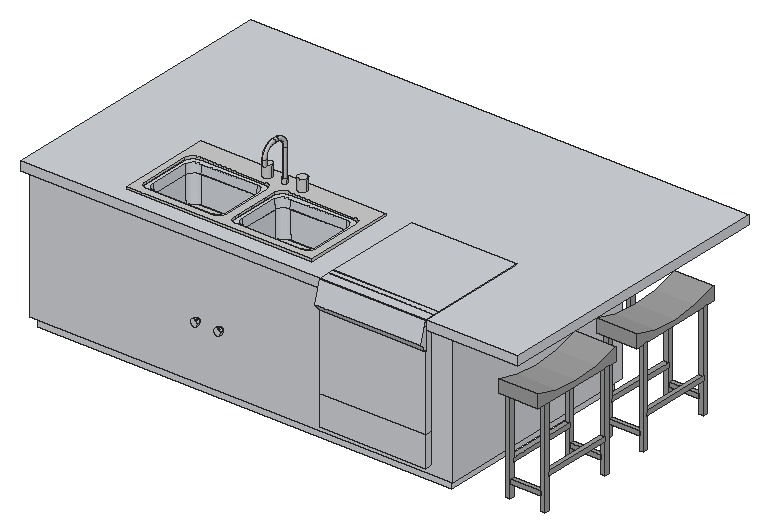
Revit family "Kitchen_Island_w_Sink_and_Dishwasher_7094", category Шкафы, Revit 2017
Family settings
  На основе рабочей плоскости = Нет
  Всегда вертикально = Да
  При загрузке вырезать с полостями = Нет
  Общий = Нет
  Точка расчета площади = Нет
Parameters (values of type "8'x4'")
  Глубина: = 4' - 0"
  Height = 3' - 0"
  Ширина = 8' - 0"
  Assembly Code = ""
Reference planes (in)
  plane 1 "Back": y = 0
  plane 2: z = 0
  plane 3 "Center (Left/Right)": x = 0.7377
  plane 4 "Left": x = -47.2623
  plane 5 "Right": x = 48.7377
  plane 6 "Front": y = -48
  plane 7 "Top": z = 36
  plane 8: x = -22.2623
Forms (in)
  Extrusion 1, solid
    sketch origin (0, 0, 0) x (1, 0, 0) y (0, 1, 0)
      loop
        line (-47.2623, 0) -> (-47.2623, -48) -> (48.7377, -48) -> (48.7377, 0) -> (-47.2623, 0)
    from 0 to 32
  Extrusion 2, solid
    sketch origin (0, -9, 0) x (1, 0, 0) y (0, 1, 0)
      loop
        line (-48.2623, 25) -> (-48.2623, -40.40625) -> (64.7377, -40.40625) -> (64.7377, 25) -> (-48.2623, 25)
    from 32 to 34
  Extrusion 3, void
    sketch origin (0, 0, 0) x (1, 0, 0) y (0, 1, 0)
      loop
        line (-47.2623, 0) -> (-47.2623, -48) -> (48.7377, -48) -> (48.7377, 0) -> (-47.2623, 0)
      loop
        line (-46.2623, -1) -> (-46.2623, -47) -> (47.7377, -47) -> (47.7377, -1) -> (-46.2623, -1)
    from 0 to 2
  Extrusion 4, solid
    sketch origin (16, -24.25, 0) x (1, 0, 0) y (0, 0, 1)
      loop
        circle (-19.6373, 14.86482) r 0.75
      loop
        circle (-24.8873, 14.86482) r 0.75
    from 24 to 25
  Extrusion 5, void
    sketch origin (16, -24.25, 0) x (1, 0, 0) y (0, 0, 1)
      loop
        circle (-19.6373, 14.86482) r 0.75
      loop
        circle (-19.6373, 14.86482) r 0.5
      loop
        circle (-24.8873, 14.86482) r 0.75
      loop
        circle (-24.8873, 14.86482) r 0.5
    from 24 to 24.5
  Blend 6, void
    base sketch origin (17.5, 0, 0) x (1, 0, 0) y (0, 1, 0)
      loop
        arc (-39.7623, -30.5) -> (-41.17651, -31.08579) -> (-41.7623, -32.5) r 2
        line (-41.7623, -32.5) -> (-41.7623, -40.75)
        arc (-41.7623, -40.75) -> (-41.17651, -42.16421) -> (-39.7623, -42.75) r 2
        line (-39.7623, -42.75) -> (-28.0123, -42.75)
        arc (-28.0123, -42.75) -> (-26.59808, -42.16421) -> (-26.0123, -40.75) r 2
        line (-26.0123, -40.75) -> (-26.0123, -32.5)
        arc (-26.0123, -32.5) -> (-26.59808, -31.08579) -> (-28.0123, -30.5) r 2
        line (-28.0123, -30.5) -> (-39.7623, -30.5)
    top sketch origin (17.5, 0, 0) x (1, 0, 0) y (0, 1, 0)
      loop
        arc (-41.2623, -29) -> (-42.67651, -29.58579) -> (-43.2623, -31) r 2
        line (-43.2623, -31) -> (-43.2623, -42)
        arc (-43.2623, -42) -> (-42.67651, -43.41421) -> (-41.2623, -44) r 2
        line (-41.2623, -44) -> (-26.5123, -44)
        arc (-26.5123, -44) -> (-25.09808, -43.41421) -> (-24.5123, -42) r 2
        line (-24.5123, -42) -> (-24.5123, -31)
        arc (-24.5123, -31) -> (-25.09808, -29.58579) -> (-26.5123, -29) r 2
        line (-26.5123, -29) -> (-41.2623, -29)
    from 22 to 60
  Blend 7, void
    base sketch origin (-30.02459, 0, 0) x (-1, 0, 0) y (0, -1, 0)
      loop
        line (-39.7623, 30.5) -> (-28.0123, 30.5)
        arc (-28.0123, 30.5) -> (-26.59808, 31.08579) -> (-26.0123, 32.5) r 2
        line (-26.0123, 32.5) -> (-26.0123, 40.75)
        arc (-26.0123, 40.75) -> (-26.59808, 42.16421) -> (-28.0123, 42.75) r 2
        line (-28.0123, 42.75) -> (-39.7623, 42.75)
        arc (-39.7623, 42.75) -> (-41.17651, 42.16421) -> (-41.7623, 40.75) r 2
        line (-41.7623, 40.75) -> (-41.7623, 32.5)
        arc (-41.7623, 32.5) -> (-41.17651, 31.08579) -> (-39.7623, 30.5) r 2
    top sketch origin (-30.02459, 0, 0) x (-1, 0, 0) y (0, -1, 0)
      loop
        line (-41.2623, 29) -> (-26.5123, 29)
        arc (-26.5123, 29) -> (-25.09808, 29.58579) -> (-24.5123, 31) r 2
        line (-24.5123, 31) -> (-24.5123, 42)
        arc (-24.5123, 42) -> (-25.09808, 43.41421) -> (-26.5123, 44) r 2
        line (-26.5123, 44) -> (-41.2623, 44)
        arc (-41.2623, 44) -> (-42.67651, 43.41421) -> (-43.2623, 42) r 2
        line (-43.2623, 42) -> (-43.2623, 31)
        arc (-43.2623, 31) -> (-42.67651, 29.58579) -> (-41.2623, 29) r 2
    from 22 to 60
Cuts and joins
  Extrusion 3, Extrusion 5, Blend 6, Blend 7 cuts Extrusion 1
  Extrusion 3, Extrusion 5, Blend 6, Blend 7 cuts Extrusion 2
  Extrusion 5 cuts Extrusion 4
Lines and regions (in)
  model lines
    curve 1: line (-28.2623, -48, 30) -> (-28.2623, -48.25, 30)
    curve 2: line (15.7377, -48, 30) -> (-28.2623, -48, 30)
    curve 3: line (15.7377, -48, 4) -> (15.7377, -48, 30)
    curve 4: line (14.9877, -48, 29.75) -> (14.9877, -48, 4.25)
    curve 5: line (-5.7623, -48, 29.75) -> (14.9877, -48, 29.75)
    curve 6: line (-28.2623, -48, 4) -> (15.7377, -48, 4)
    curve 7: line (14.9877, -48, 4.25) -> (-5.7623, -48, 4.25)
    curve 8: line (-5.7623, -48, 4.25) -> (-5.7623, -48, 29.75)
    curve 9: line (-6.7623, -48, 29.75) -> (-6.7623, -48, 4.25)
    curve 10: line (-6.7623, -48, 4.25) -> (-27.5123, -48, 4.25)
    curve 11: line (-27.5123, -48, 4.25) -> (-27.5123, -48, 29.75)
    curve 12: line (-28.2623, -48, 30) -> (-28.2623, -48, 4)
    curve 13: line (-27.5123, -48, 29.75) -> (-6.7623, -48, 29.75)
Dimensions and locks (in)
  "Глубина:": plane 6 "Front" to plane 1 "Back"
  "Ширина": plane 4 "Left" to plane 5 "Right"
  equal spacing: plane 4 "Left", plane 3 "Center (Left/Right)", plane 5 "Right"
  "Height": level to plane 7 "Top"
  cut or joined group of Extrusion 1, Extrusion 3, Extrusion 5, Blend 6, Blend 7 to cut or joined group of Extrusion 1, Extrusion 3, Extrusion 5, Blend 6, Blend 7 = 8' - 0"
Automatic sketch dimensions
  Extrusion 1 sketch curve to plane 4 "Left" = 0' - 0"
  Extrusion 1 sketch curve to plane 5 "Right" = 0' - 0"
  Extrusion 1 sketch curve to plane 6 "Front" = 0' - 0"
  Extrusion 1 sketch curve to plane 1 "Back" = 0' - 0"
  plane 4 "Left" to Extrusion 2 sketch curve = 0' - 1"
  Extrusion 2 sketch curve to plane 5 "Right" = 1' - 4"
  plane 6 "Front" to Extrusion 2 sketch curve = 0' - 1 13/32"
  Extrusion 2 sketch curve to plane 1 "Back" = 1' - 4"
  Extrusion 3 sketch curve to plane 4 "Left" = 0' - 0"
  Extrusion 3 sketch curve to plane 1 "Back" = 0' - 0"
  Extrusion 3 sketch curve to plane 5 "Right" = 0' - 0"
  Extrusion 3 sketch curve to plane 6 "Front" = 0' - 0"
  Extrusion 3 sketch curve to plane 4 "Left" = 0' - 1"
  plane 5 "Right" to Extrusion 3 sketch curve = 0' - 1"
  Extrusion 3 sketch curve to plane 6 "Front" = 0' - 1"
  plane 1 "Back" to Extrusion 3 sketch curve = 0' - 1"
  Extrusion 4 sketch curve to plane 8 = 1' - 1 3/8"
  Extrusion 4 sketch curve to plane 8 = 1' - 6 5/8"
  level to Extrusion 4 sketch curve = 1' - 2.86482"
  Extrusion 4 sketch curve to Extrusion 4 sketch curve = 0' - 0"
  Extrusion 5 sketch curve to Extrusion 5 sketch curve = 0' - 0"  (x5)
  Extrusion 5 sketch curve to plane 8 = 1' - 1 3/8"
  Extrusion 5 sketch curve to plane 8 = 1' - 6 5/8"
  level to Extrusion 5 sketch curve = 1' - 2.86482"
  Blend 6 sketch curve to plane 4 "Left" = 1' - 11"
  Blend 6 sketch curve to Blend 6 sketch curve = 0' - 2"  (x6)
  Blend 6 sketch curve to plane 8 = 0' - 11 3/4"  (x2)
  Blend 6 sketch curve to plane 6 "Front" = 0' - 5 1/4"
  Blend 6 sketch curve to Blend 6 sketch curve = 0' - 8 1/4"
  Blend 6 sketch curve to plane 4 "Left" = 1' - 9 1/2"
  Blend 6 sketch curve to plane 8 = 1' - 1 1/4"  (x2)
  Blend 6 sketch curve to plane 6 "Front" = 0' - 4"
  Blend 6 sketch curve to Blend 6 sketch curve = 0' - 11"
  Blend 7 sketch curve to plane 3 "Center (Left/Right)" = 0' - 11"
  Blend 7 sketch curve to Blend 7 sketch curve = 0' - 2"  (x4)
  plane 8 to Blend 7 sketch curve = 1' - 8 1/4"  (x2)
  plane 8 to Blend 7 sketch curve = 1' - 6 1/4"
  plane 6 "Front" to Blend 7 sketch curve = 0' - 5 1/4"
  Blend 7 sketch curve to Blend 7 sketch curve = 0' - 8 1/4"
  Blend 7 sketch curve to plane 3 "Center (Left/Right)" = 1' - 0 1/2"
  plane 8 to Blend 7 sketch curve = 1' - 6 3/4"  (x2)
  plane 8 to Blend 7 sketch curve = 1' - 4 3/4"
  plane 6 "Front" to Blend 7 sketch curve = 0' - 4"
  Blend 7 sketch curve to Blend 7 sketch curve = 0' - 11"
  curve 1 to plane 6 "Front" = 0' - 0"
  plane 6 "Front" to curve 1 = 0' - 0 1/4"
  plane 7 "Top" to curve 1 = 0' - 6"
  plane 8 to curve 2 = 0' - 6"
  curve 2 to curve 13 = 0' - 0 3/4"
  curve 13 to plane 3 "Center (Left/Right)" = 0' - 7 1/2"
  curve 9 to curve 8 = 0' - 1"
  plane 7 "Top" to curve 4 = 0' - 6 1/4"
  plane 3 "Center (Left/Right)" to curve 4 = 1' - 2 1/4"
  curve 4 to curve 3 = 0' - 0 3/4"
  level to curve 11 = 0' - 4 1/4"
  level to curve 7 = 0' - 4 1/4"
  curve 12 to curve 10 = 0' - 0 1/4"
  curve 9 to curve 5 = 0' - 0"
  curve 4 to curve 3 = 0' - 0 1/4"
  radius of Extrusion 4 sketch curve = 0' - 0 3/4"  (x2)
  radius of Extrusion 5 sketch curve = 0' - 0 3/4"  (x2)
  radius of Extrusion 5 sketch curve = 0' - 0 1/2"  (x2)
Nested families (in)
  nested 1: "STool" at (0.7377, 17.5, 0), type "STool"
  nested 2: "STool" at (28.7377, 17.5, 0) x (-1, 0, 0) z (0, 0, 1), type "STool"
  nested 3: "STool" at (-27.2623, 17.5, 0), type "STool"
  nested 4: "Sink Kitchen-Double" at (-6.87998, -35.09234, -2), type "42" x 21""
  nested 5: "STool" at (66.08973, -6.37836, 0) x (0, -1, 0) z (0, 0, 1), type "STool"
  nested 6: "STool" at (66.08973, -34.37836, 0) x (0, 1, 0) z (0, 0, 1), type "STool"
  nested 7: "Dishwasherrfa_5486" at (31.7377, -23.40625, 0) x (0, -1, 0) z (0, 0, 1), type "26"x24""
    with Flow Pressure 8.00 psi
Definition of nested family "STool"
  Reference planes (in)
    plane 1 "Center F/B": y = 0
    plane 2: z = 0
    plane 3 "Center L/R": x = 0
  Forms (in)
    Extrusion 1, solid
      sketch origin (0, 0, 0) x (1, 0, 0) y (0, 0, 1)
        loop
          line (-11, 22) -> (11, 22) -> (11, 25)
          arc (11, 25) -> (0, 22.99053) -> (-11, 25) r 31.11217
          line (-11, 25) -> (-11, 22)
      from 0 to 9
    Extrusion 2, solid
      sketch origin (0, 0, 0) x (1, 0, 0) y (0, 0, 1)
        loop
          line (9, 22) -> (8, 22) -> (8, 0) -> (9, 0) -> (9, 22)
      from 0 to 1
    Extrusion 3, solid
      sketch origin (0, 0, 0) x (1, 0, 0) y (0, 0, 1)
        loop
          line (8, 8) -> (-8, 8) -> (-8, 7) -> (8, 7) -> (8, 8)
      from 0 to 1
    Extrusion 4, solid
      sketch origin (0, 0, 0) x (1, 0, 0) y (0, 0, 1)
        loop
          line (-8, 22) -> (-9, 22) -> (-9, 0) -> (-8, 0) -> (-8, 22)
      from 0 to 1
    Extrusion 5, solid
      sketch origin (0, 0, 0) x (1, 0, 0) y (0, 0, 1)
        loop
          line (-9, 22) -> (-9, 0) -> (-8, 0) -> (-8, 22) -> (-9, 22)
      from 9 to 8
    Extrusion 6, solid
      sketch origin (0, 0, 0) x (1, 0, 0) y (0, 0, 1)
        loop
          line (8, 22) -> (8, 0) -> (9, 0) -> (9, 22) -> (8, 22)
      from 9 to 8
    Extrusion 7, solid
      sketch origin (0, 0, 0) x (1, 0, 0) y (0, 0, 1)
        loop
          line (-8, 8) -> (-8, 7) -> (8, 7) -> (8, 8) -> (-8, 8)
      from 9 to 8
    Extrusion 8, solid
      sketch origin (0, 0, 0) x (0, 1, 0) y (0, 0, 1)
        loop
          line (-1, 4) -> (-8, 4) -> (-8, 3) -> (-1, 3) -> (-1, 4)
      from 8 to 9
    Extrusion 9, solid
      sketch origin (0, 0, 0.00706) x (0, 1, 0) y (0, 0, 1)
        loop
          line (-8, 4) -> (-8, 3) -> (-1, 3) -> (-1, 4) -> (-8, 4)
      from -9 to -8
  Lines and regions (in)
    model lines
      curve 1: line (-9, 0, 0) -> (-9, 0, 22)
      curve 2: line (-9, 0, 22) -> (-8, 0, 22)
      curve 3: line (-8, 0, 22) -> (-8, 0, 0)
      curve 4: line (-9, 0, 0) -> (-8, 0, 0)
      curve 5: line (8, 0, 0) -> (8, 0, 22)
      curve 6: line (8, 0, 22) -> (9, 0, 22)
      curve 7: line (9, 0, 22) -> (9, 0, 0)
      curve 8: line (8, 0, 0) -> (9, 0, 0)
      curve 9: line (-8, 0, 7) -> (8, 0, 7)
      curve 10: line (8, 0, 8) -> (-8, 0, 8)
      curve 11: line (-8, 0, 8) -> (-8, 0, 7)
      curve 12: line (-11, 0, 22) -> (11, 0, 22)
      curve 13: line (11, 0, 22) -> (11, 0, 25)
      curve 14: arc (11, 0, 25) -> (0, 0, 22.99053) -> (-11, 0, 25) r 31.11217
      curve 15: line (-11, 0, 25) -> (-11, 0, 22)
Definition of nested family "Sink Kitchen-Double"
  Parameters
    Assembly Code = "D2010410"
    Counter Height = 3' - 0"
    Depth = 1' - 9"
    Faucet Material = none
    Sink Material = none
    Width = 3' - 6"
  Reference planes (in)
    plane 1 "Center (Front/Back)": y = -1.40766
    plane 2: z = 0
    plane 3 "Center (Left/Right)": x = 0.61769
    plane 4: y = 10.59234
    plane 5: y = -10.40766
    plane 6: x = -20.38231
    plane 7: x = 21.61769
    plane 8 "Top Of Counter": z = 36
    plane 9: z = 36.5
    plane 10: z = 27.5
    plane 11: y = 6.09234
    plane 12: x = -18.88231
    plane 13: y = -8.90766
    plane 14: x = 20.11769
    plane 15: x = -3.38231
    plane 16: x = 4.61769
    plane 17: y = 8.34234
    plane 18: y = 8.34234
    plane 19: y = 8.34234
    plane 20: z = 46.375
    plane 21: y = 2.46734
    plane 22: z = 39
    plane 23: z = 37.5
    plane 24: x = -0.13231
    plane 25: x = 1.36769
    plane 26: x = -9.13231
    plane 27: x = 10.36769
    plane 28: z = 27.875
  Forms (in)
    Extrusion 1, solid, material <- "Sink Material"
      sketch origin (0, 0, 0) x (1, 0, 0) y (0, 1, 0)
        loop
          line (-20.38231, 10.59234) -> (-20.38231, -10.40766) -> (21.61769, -10.40766) -> (21.61769, 10.59234) -> (-20.38231, 10.59234)
        loop
          arc (-16.88231, 6.09234) -> (-18.29653, 5.50655) -> (-18.88231, 4.09234) r 2
          line (-18.88231, 4.09234) -> (-18.88231, -6.90766)
          arc (-18.88231, -6.90766) -> (-18.29653, -8.32187) -> (-16.88231, -8.90766) r 2
          line (-16.88231, -8.90766) -> (-2.13231, -8.90766)
          arc (-2.13231, -8.90766) -> (-0.7181, -8.32187) -> (-0.13231, -6.90766) r 2
          line (-0.13231, -6.90766) -> (-0.13231, 4.09234)
          arc (-0.13231, 4.09234) -> (-0.7181, 5.50655) -> (-2.13231, 6.09234) r 2
          line (-2.13231, 6.09234) -> (-16.88231, 6.09234)
        loop
          arc (18.11769, -8.90766) -> (19.5319, -8.32187) -> (20.11769, -6.90766) r 2
          line (20.11769, -6.90766) -> (20.11769, 4.09234)
          arc (20.11769, 4.09234) -> (19.5319, 5.50655) -> (18.11769, 6.09234) r 2
          line (18.11769, 6.09234) -> (3.36769, 6.09234)
          arc (3.36769, 6.09234) -> (1.95347, 5.50655) -> (1.36769, 4.09234) r 2
          line (1.36769, 4.09234) -> (1.36769, -6.90766)
          arc (1.36769, -6.90766) -> (1.95347, -8.32187) -> (3.36769, -8.90766) r 2
          line (3.36769, -8.90766) -> (18.11769, -8.90766)
      from 36 to 36.5
    Sweep 2, solid, material <- "Sink Material"
      path origin (0, 0, 0) x (1, 0, 0) y (0, 1, 0)
        loop
          arc (-16.88231, 6.09234) -> (-18.29653, 5.50655) -> (-18.88231, 4.09234) r 2
          line (-18.88231, 4.09234) -> (-18.88231, -6.90766)
          arc (-18.88231, -6.90766) -> (-18.29653, -8.32187) -> (-16.88231, -8.90766) r 2
          line (-16.88231, -8.90766) -> (-2.13231, -8.90766)
          arc (-2.13231, -8.90766) -> (-0.7181, -8.32187) -> (-0.13231, -6.90766) r 2
          line (-0.13231, -6.90766) -> (-0.13231, 4.09234)
          arc (-0.13231, 4.09234) -> (-0.7181, 5.50655) -> (-2.13231, 6.09234) r 2
          line (-2.13231, 6.09234) -> (-16.88231, 6.09234)
      profile origin (-9.50731, 0, 0) x (0, 1, 0) y (0, 0, 1)
        loop
          line (6.09234, 36) -> (5.44139, 28.55963)
          arc (5.44139, 28.55963) -> (5.20094, 28.07204) -> (4.69424, 27.875) r 0.75
          line (4.69424, 27.875) -> (4.59234, 27.875) -> (4.59234, 27.5) -> (6.34234, 27.5) -> (6.34234, 36) -> (6.09234, 36)
    Extrusion 3, solid, material <- "Sink Material"
      sketch origin (0, 0, 0) x (1, 0, 0) y (0, 1, 0)
        loop
          arc (-16.88231, 4.59234) -> (-17.23587, 4.44589) -> (-17.38231, 4.09234) r 0.5
          line (-17.38231, 4.09234) -> (-17.38231, -6.90766)
          arc (-17.38231, -6.90766) -> (-17.23587, -7.26121) -> (-16.88231, -7.40766) r 0.5
          line (-16.88231, -7.40766) -> (-2.13231, -7.40766)
          arc (-2.13231, -7.40766) -> (-1.77876, -7.26121) -> (-1.63231, -6.90766) r 0.5
          line (-1.63231, -6.90766) -> (-1.63231, 4.09234)
          arc (-1.63231, 4.09234) -> (-1.77876, 4.44589) -> (-2.13231, 4.59234) r 0.5
          line (-2.13231, 4.59234) -> (-16.88231, 4.59234)
        loop
          circle (-9.13231, -1.40766) r 1
      from 27.5 to 27.875
    Extrusion 4, solid, material <- "Faucet Material"
      sketch origin (0, 0, 0) x (1, 0, 0) y (0, 1, 0)
        loop
          circle (-3.38231, 8.34234) r 1
        loop
          circle (4.61769, 8.34234) r 1
      from 36.5 to 39
    Sweep 5, solid, material <- "Faucet Material"
      path origin (0.61769, 0, 0) x (0, 1, 0) y (0, 0, 1)
        loop
          line (8.34234, 36.5) -> (8.34234, 43.875)
          arc (8.34234, 43.875) -> (7.61011, 45.64277) -> (5.84234, 46.375) r 2.5
          line (5.84234, 46.375) -> (4.96734, 46.375)
          arc (4.96734, 46.375) -> (3.19957, 45.64277) -> (2.46734, 43.875) r 2.5
          line (2.46734, 43.875) -> (2.46734, 42.5)
      profile origin (0.61769, 0, 40.1875) x (0, -1, 0) y (1, 0, 0)
        loop
          circle (-8.34234, 0) r 0.375
    Extrusion 6, solid, material <- "Faucet Material"
      sketch origin (0, 0, 0) x (1, 0, 0) y (0, 1, 0)
        loop
          circle (0.61769, 8.34234) r 0.5
      from 36.5 to 37.5
    Sweep 7, solid, material <- "Sink Material"
      path origin (1.23537, 0, 0) x (-1, 0, 0) y (0, -1, 0)
        loop
          line (-16.88231, -6.09234) -> (-2.13231, -6.09234)
          arc (-2.13231, -6.09234) -> (-0.7181, -5.50655) -> (-0.13231, -4.09234) r 2
          line (-0.13231, -4.09234) -> (-0.13231, 6.90766)
          arc (-0.13231, 6.90766) -> (-0.7181, 8.32187) -> (-2.13231, 8.90766) r 2
          line (-2.13231, 8.90766) -> (-16.88231, 8.90766)
          arc (-16.88231, 8.90766) -> (-18.29653, 8.32187) -> (-18.88231, 6.90766) r 2
          line (-18.88231, 6.90766) -> (-18.88231, -4.09234)
          arc (-18.88231, -4.09234) -> (-18.29653, -5.50655) -> (-16.88231, -6.09234) r 2
      profile origin (10.74269, 0, 0) x (0, -1, 0) y (0, 0, 1)
        loop
          line (-6.09234, 36) -> (-6.34234, 36) -> (-6.34234, 27.5) -> (-4.59234, 27.5) -> (-4.59234, 27.875) -> (-4.69424, 27.875)
          arc (-4.69424, 27.875) -> (-5.20094, 28.07204) -> (-5.44139, 28.55963) r 0.75
          line (-5.44139, 28.55963) -> (-6.09234, 36)
    Extrusion 8, solid, material <- "Sink Material"
      sketch origin (0, 0, 0) x (1, 0, 0) y (0, 1, 0)
        loop
          arc (3.36769, 4.69424) -> (3.01413, 4.5478) -> (2.86769, 4.19424) r 0.5
          line (2.86769, 4.19424) -> (2.86769, -6.90766)
          arc (2.86769, -6.90766) -> (3.01413, -7.26121) -> (3.36769, -7.40766) r 0.5
          line (3.36769, -7.40766) -> (18.11769, -7.40766)
          arc (18.11769, -7.40766) -> (18.47124, -7.26121) -> (18.61769, -6.90766) r 0.5
          line (18.61769, -6.90766) -> (18.61769, 4.19424)
          arc (18.61769, 4.19424) -> (18.47124, 4.5478) -> (18.11769, 4.69424) r 0.5
          line (18.11769, 4.69424) -> (3.36769, 4.69424)
        loop
          circle (10.36769, -1.40766) r 1
      from 27.5 to 27.875
  Cuts and joins
    joined: Extrusion 1, Sweep 2, Sweep 7
    joined: Sweep 5, Extrusion 6
  Lines and regions (in)
    Masking region 1
      outline origin (0, 0, 36) x (0, -1, 0) y (1, 0, 0)
        loop
          line (-10.59234, -20.38231) -> (10.40766, -20.38231) -> (10.40766, 21.61769) -> (-10.59234, 21.61769) -> (-10.59234, -20.38231)
    symbolic lines
      curve 1: line (-18.88231, 4.09234, 36) -> (-18.88231, -6.90766, 36)
      curve 2: line (-16.88231, -8.90766, 36) -> (-2.13231, -8.90766, 36)
      curve 3: line (20.11769, -6.90766, 36) -> (20.11769, 4.09234, 36)
      curve 4: line (18.11769, 6.09234, 36) -> (3.36769, 6.09234, 36)
      curve 5: arc (20.11769, 4.09234, 36) -> (19.5319, 5.50655, 36) -> (18.11769, 6.09234, 36) r 2
      curve 6: arc (18.11769, -8.90766, 36) -> (19.5319, -8.32187, 36) -> (20.11769, -6.90766, 36) r 2
      curve 7: arc (-18.88231, -6.90766, 36) -> (-18.29653, -8.32187, 36) -> (-16.88231, -8.90766, 36) r 2
      curve 8: arc (-16.88231, 6.09234, 36) -> (-18.29653, 5.50655, 36) -> (-18.88231, 4.09234, 36) r 2
      curve 9: arc (1.11769, 8.34234, 36) -> (0.61769, 8.84234, 36) -> (0.11769, 8.34234, 36) r 0.5
      curve 10: line (0.11769, 8.34234, 36) -> (0.11769, 0.59234, 36)
      curve 11: line (1.11769, 8.34234, 36) -> (1.11769, 0.59234, 36)
      curve 12: arc (1.11769, 0.59234, 36) -> (0.61769, 0.09234, 36) -> (0.11769, 0.59234, 36) r 0.5
      curve 13: line (-0.13231, 4.09234, 36) -> (-0.13231, -6.90766, 36)
      curve 14: line (1.36769, 4.09234, 36) -> (1.36769, -6.90766, 36)
      curve 15: line (3.36769, -8.90766, 36) -> (18.11769, -8.90766, 36)
      curve 16: line (-2.13231, 6.09234, 36) -> (-16.88231, 6.09234, 36)
      curve 17: arc (3.36769, 6.09234, 36) -> (1.95347, 5.50655, 36) -> (1.36769, 4.09234, 36) r 2
      curve 18: arc (1.36769, -6.90766, 36) -> (1.95347, -8.32187, 36) -> (3.36769, -8.90766, 36) r 2
      curve 19: arc (-0.13231, -6.90766, 36) -> (-0.7181, -8.32187, 36) -> (-2.13231, -8.90766, 36) r 2
      curve 20: arc (-0.13231, 4.09234, 36) -> (-0.7181, 5.50655, 36) -> (-2.13231, 6.09234, 36) r 2
      curve 21: arc (-10.13231, -1.40766, 36) -> (-9.13231, -0.40766, 36) -> (-8.13231, -1.40766, 36) r 1
      curve 22: arc (-8.13231, -1.40766, 36) -> (-9.13231, -2.40766, 36) -> (-10.13231, -1.40766, 36) r 1
      curve 23: arc (9.36769, -1.40766, 36) -> (10.36769, -0.40766, 36) -> (11.36769, -1.40766, 36) r 1
      curve 24: arc (11.36769, -1.40766, 36) -> (10.36769, -2.40766, 36) -> (9.36769, -1.40766, 36) r 1
      curve 25: arc (-4.38231, 8.34234, 36) -> (-3.38231, 7.34234, 36) -> (-2.38231, 8.34234, 36) r 1
      curve 26: arc (-2.38231, 8.34234, 36) -> (-3.38231, 9.34234, 36) -> (-4.38231, 8.34234, 36) r 1
      curve 27: arc (3.61769, 8.34234, 36) -> (4.61769, 7.34234, 36) -> (5.61769, 8.34234, 36) r 1
      curve 28: arc (5.61769, 8.34234, 36) -> (4.61769, 9.34234, 36) -> (3.61769, 8.34234, 36) r 1
  Dimensions and locks (in)
    equal spacing: plane 6, plane 3 "Center (Left/Right)", plane 7
    "Width": plane 6 to plane 7
    "Depth": plane 5 to plane 4
    "Counter Height": plane 8 "Top Of Counter" to plane 2
    locked: plane 9 to plane 8 "Top Of Counter" at 0.5
    locked: plane 8 "Top Of Counter" to plane 10 at 8.5
    locked: plane 6 to plane 12 at 1.5
    locked: plane 14 to plane 7 at 1.5
    locked: plane 11 to plane 4 at 4.5
    locked: plane 5 to plane 13 at 1.5
    equal spacing: plane 11, plane 17, plane 4
    equal spacing: plane 11, plane 18, plane 4
    equal spacing: plane 4, plane 19, plane 11
    locked: plane 19 to plane 21 at 5.875
    locked: plane 20 to plane 9 at 9.875
    locked: plane 22 to plane 9 at 2.5
    locked: plane 23 to plane 9 at 1
    plane 24 to plane 3 "Center (Left/Right)" to plane 25 = 0' - 0 3/4" locked, 0' - 0 3/4" locked
    equal spacing: plane 12, plane 26, plane 3 "Center (Left/Right)"
    equal spacing: plane 3 "Center (Left/Right)", plane 27, plane 14
    equal spacing: plane 13, plane 1 "Center (Front/Back)", plane 11
    locked: plane 15 to plane 3 "Center (Left/Right)" at 4
    locked: plane 3 "Center (Left/Right)" to plane 16 at 4
    locked: plane 28 to plane 10 at 0.375
    aligned and locked: Extrusion 1 sketch curve to plane 5
    aligned and locked: plane 7 to Extrusion 1 sketch curve
    aligned and locked: plane 4 to Extrusion 1 sketch curve
    aligned and locked: Extrusion 1 sketch curve to plane 6
    aligned and locked: plane 8 "Top Of Counter" to Extrusion 1
    aligned and locked: Extrusion 1 to plane 9
    aligned and locked: plane 11 to Extrusion 1 sketch curve
    aligned and locked: plane 14 to Extrusion 1 sketch curve
    aligned and locked: Extrusion 1 sketch curve to plane 12
    aligned and locked: Extrusion 1 sketch curve to plane 13
    aligned and locked: plane 11 to Sweep 2 sketch curve
    aligned and locked: Sweep 2 sketch curve to plane 12
    aligned and locked: Sweep 2 sketch curve to plane 13
    aligned and locked: Sweep 2 to Extrusion 3 sketch curve  (x4)
    aligned and locked: plane 10 to Extrusion 3
    aligned and locked: Sweep 2 sketch curve to plane 10
    aligned and locked: plane 8 "Top Of Counter" to Sweep 2 sketch curve
    aligned and locked: Extrusion 4 to Extrusion 1
    aligned and locked: Extrusion 6 to Extrusion 1
    aligned and locked: Sweep 5 sketch curve to plane 19
    aligned and locked: plane 20 to Sweep 5 sketch curve
    aligned and locked: plane 21 to Sweep 5 sketch curve
    aligned and locked: Extrusion 4 to plane 22
    aligned and locked: Extrusion 6 to plane 23
    aligned and locked: Sweep 2 sketch curve to Extrusion 1
    aligned and locked: Sweep 7 sketch curve to plane 14
    aligned and locked: Sweep 7 sketch curve to Extrusion 1
    aligned and locked: Sweep 7 sketch curve to plane 11
    aligned and locked: plane 13 to Sweep 7 sketch curve
    aligned and locked: plane 10 to Extrusion 8
    aligned and locked: curve 21 to Extrusion 3
    aligned and locked: curve 23 to Extrusion 8
    aligned and locked: Extrusion 8 sketch curve to Sweep 7
    aligned and locked: Sweep 7 sketch curve to plane 8 "Top Of Counter"
    aligned and locked: plane 10 to Sweep 7 sketch curve
    aligned and locked: plane 4 to Masking region 1 sketch curve
    aligned and locked: plane 7 to Masking region 1 sketch curve
    aligned and locked: Masking region 1 sketch curve to plane 5
    aligned and locked: Masking region 1 sketch curve to plane 6
    aligned and locked: plane 15 to Extrusion 4 sketch curve
    aligned and locked: plane 17 to Extrusion 4 sketch curve  (x2)
    aligned and locked: plane 16 to Extrusion 4 sketch curve
    aligned and locked: curve 25 to Extrusion 4
    aligned and locked: curve 27 to Extrusion 4
    aligned and locked: Extrusion 3 to plane 28
    aligned and locked: Extrusion 8 to plane 28
  Automatic sketch dimensions
    Sweep 2 sketch curve to profile plane = 0' - 0"
    profile plane to Sweep 2 sketch curve = 0' - 0.65095"
    Sweep 2 sketch curve to Sweep 2 sketch curve = 0' - 0.74715"
    Sweep 2 sketch curve to Sweep 2 sketch curve = 0' - 0.10191"
    Sweep 2 sketch curve to profile plane = 0' - 0 1/4"
    Sweep 2 sketch curve to Sweep 2 sketch curve = 0' - 0 3/8"
    Sweep 2 sketch curve to Sweep 2 sketch curve = 0' - 0.68463"
    plane 15 to Extrusion 4 sketch curve = 0' - 1"
    plane 16 to Extrusion 4 sketch curve = 0' - 1"
    Sweep 5 sketch curve to plane 3 "Center (Left/Right)" = 0' - 0"
    Sweep 5 sketch curve to profile plane = 0' - 0"
    profile plane to Sweep 5 sketch curve = 0' - 0 3/8"
    Extrusion 6 sketch curve to plane 18 = 0' - 0"
    Extrusion 6 sketch curve to plane 3 "Center (Left/Right)" = 0' - 0"
    Extrusion 6 sketch curve to plane 3 "Center (Left/Right)" = 0' - 0 1/2"
    Sweep 5 sketch curve to plane 9 = 0' - 0"
    Sweep 5 sketch curve to Sweep 5 sketch curve = 0' - 2 1/2"
    plane 11 to Sweep 5 sketch curve = 0' - 0 1/4"
    Sweep 5 sketch curve to Sweep 5 sketch curve = 0' - 1 3/8"
    Extrusion 1 sketch curve to plane 13 = 0' - 0"
    Extrusion 1 sketch curve to plane 24 = 0' - 0"
    Extrusion 1 sketch curve to plane 25 = 0' - 0"
    Extrusion 1 sketch curve to plane 11 = 0' - 0"
    Extrusion 1 sketch curve to plane 12 = 0' - 2"  (x2)
    Extrusion 1 sketch curve to plane 3 "Center (Left/Right)" = 0' - 2 3/4"  (x2)
    plane 3 "Center (Left/Right)" to Extrusion 1 sketch curve = 0' - 2 3/4"  (x2)
    plane 14 to Extrusion 1 sketch curve = 0' - 2"
    Extrusion 1 sketch curve to Extrusion 1 sketch curve = 0' - 2"
    Sweep 2 sketch curve to plane 12 = 0' - 2"  (x2)
    Sweep 2 sketch curve to plane 3 "Center (Left/Right)" = 0' - 2 3/4"  (x2)
    plane 14 to Sweep 7 sketch curve = 0' - 2"  (x2)
    Sweep 7 sketch curve to Sweep 7 sketch curve = 0' - 2"
    plane 3 "Center (Left/Right)" to Sweep 7 sketch curve = 0' - 2 3/4"
    Extrusion 3 sketch curve to plane 1 "Center (Front/Back)" = 0' - 0"
    Extrusion 3 sketch curve to plane 26 = 0' - 0"
    Extrusion 3 sketch curve to Extrusion 3 sketch curve = 0' - 0 1/2"  (x4)
    plane 26 to Extrusion 3 sketch curve = 0' - 1"
    Extrusion 8 sketch curve to plane 1 "Center (Front/Back)" = 0' - 0"
    Extrusion 8 sketch curve to plane 27 = 0' - 0"
    plane 27 to Extrusion 8 sketch curve = 0' - 1"
    plane 3 "Center (Left/Right)" to Extrusion 8 sketch curve = 0' - 2 3/4"  (x2)
    Extrusion 8 sketch curve to Extrusion 8 sketch curve = 0' - 0 1/2"  (x2)
    plane 11 to Extrusion 8 sketch curve = 0' - 1.89809"
    Extrusion 8 sketch curve to plane 13 = 0' - 2"
    plane 7 to Extrusion 8 sketch curve = 0' - 3 1/2"
    Sweep 7 sketch curve to profile plane = 0' - 0"
    profile plane to Sweep 7 sketch curve = 0' - 0 1/4"
    Sweep 7 sketch curve to profile plane = 0' - 0.65095"
    Sweep 7 sketch curve to Sweep 7 sketch curve = 0' - 0.74715"
    Sweep 7 sketch curve to Sweep 7 sketch curve = 0' - 0.10191"
    Sweep 7 sketch curve to Sweep 7 sketch curve = 0' - 0.06537"
    Sweep 7 sketch curve to Sweep 7 sketch curve = 0' - 1.05963"
    curve 20 to plane 11 = 0' - 0"
    curve 17 to plane 11 = 0' - 0"
    curve 5 to plane 14 = 0' - 0"
    curve 1 to plane 12 = 0' - 0"
    curve 12 to plane 3 "Center (Left/Right)" = 0' - 0"
    curve 7 to plane 13 = 0' - 0"
    curve 18 to plane 13 = 0' - 0"
    plane 4 to curve 11 = 0' - 2 1/4"
    plane 11 to curve 5 = 0' - 2"
    plane 11 to curve 8 = 0' - 2"
    curve 13 to plane 3 "Center (Left/Right)" = 0' - 0 3/4"
    curve 14 to curve 13 = 0' - 0"
    curve 11 to plane 1 "Center (Front/Back)" = 0' - 2"
    plane 3 "Center (Left/Right)" to curve 14 = 0' - 0 3/4"
    curve 14 to plane 13 = 0' - 2"
    curve 13 to curve 14 = 0' - 0"
    curve 1 to plane 13 = 0' - 2"
    curve 6 to plane 13 = 0' - 2"
    curve 9 to plane 3 "Center (Left/Right)" = 0' - 0 1/2"
    curve 4 to curve 27 = 0' - 0 1/4"
Definition of nested family "Dishwasherrfa_5486"
  Parameters
    Sanitary Radius = 1"
    Sanitary Diameter = Sanitary Radius * 2  # 2"
    WFU = 2
    Voltage = 120 V
    Overall Width = 2' - 0"
    Overall Length = 2' - 2"
    Overall Height = 2' - 10"
    Number of Poles = 2
    Hot Water Radius = 1/4"
    Hot Water Diameter = Hot Water Radius * 2  # 1/2"
    HWFU = 1.4
    HP = "0.5"
    Flow Pressure [instance] = 8.00 psi
    Dishwasher Material = none
    Cold Water Radius = 1/4"
    Cold Water Diameter = Cold Water Radius * 2  # 1/2"
    CWFU = 0
    Assembly Code = ""
    Apparent Load = 1092 VA
  Reference planes (in)
    plane 1 "Center (Front/Back)": y = 0
    plane 2: z = 0
    plane 3 "Center (Left/Right)": x = 0
    plane 4: y = 12
    plane 5: y = -12
    plane 6: x = 22.09375
    plane 7: z = 34
    plane 8: z = 3.75
    plane 9: x = 23.40625
    plane 10: x = 26
    plane 11: x = 27.3125
    plane 12: z = 29.25
    plane 13: z = 27.53125
    plane 14: z = 12
    plane 15: z = 4
    plane 16: y = -7.875
    plane 17: y = 0
    plane 18: y = -4.125
    plane 19: y = 3.875
    plane 20: z = 10.53125
  Forms (in)
    Extrusion 1, solid, material <- "Dishwasher Material"
      sketch origin (0, 0, 0) x (1, 0, 0) y (0, 1, 0)
        loop
          line (0, 12) -> (0, -12) -> (22.09375, -12) -> (22.09375, 12) -> (0, 12)
      from 0 to 34
    Extrusion 2, solid, material <- "Dishwasher Material"
      sketch origin (0, 0, 0) x (1, 0, 0) y (0, 0, 1)
        loop
          line (22.09375, 34) -> (22.09375, 3.75) -> (23.40625, 3.75) -> (23.40625, 34) -> (22.09375, 34)
      from -12 to 12
    Extrusion 3, solid, material <- "Dishwasher Material"
      sketch origin (0, 0, 0) x (1, 0, 0) y (0, 0, 1)
        loop
          line (23.40625, 34) -> (23.40625, 10.53125) -> (26, 10.53125) -> (26, 34) -> (23.40625, 34)
      from -12 to 12
    Extrusion 4, solid, material <- "Dishwasher Material"
      sketch origin (0.25, 0, 0) x (1, 0, 0) y (0, 0, 1)
        loop
          line (25.75, 34) -> (25.75, 27.53125) -> (27.0625, 29.25) -> (25.75, 34)
      from -12 to 12
    Extrusion 5, solid, material <- "Dishwasher Material"
      sketch origin (0, 0, 0) x (0, 1, 0) y (0, 0, 1)
        loop
          circle (-7.875, 4) r 2
        loop
          circle (0, 4) r 2
        loop
          circle (-4.125, 12) r 2
        loop
          circle (3.875, 12) r 2
      from 0 to 3.21385
    Extrusion 6, solid, material <- "Dishwasher Material"
      sketch origin (0, 0, 0) x (1, 0, 0) y (0, 0, 1)
        loop
          line (23.40625, 10.53125) -> (23.40625, 3.75) -> (26, 3.75) -> (26, 10.53125) -> (23.40625, 10.53125)
      from -12 to 12
  Cuts and joins
    joined: Extrusion 1, Extrusion 5
  Dimensions and locks (in)
    equal spacing: plane 4, plane 1 "Center (Front/Back)", plane 5
    "Overall Width": plane 4 to plane 5
    "Overall Height": plane 7 to plane 2
    locked: plane 9 to plane 6 at 1.3125
    "Overall Length": plane 10 to plane 3 "Center (Left/Right)"
    locked: plane 11 to plane 10 at 1.3125
    locked: plane 7 to plane 12 at 4.75
    locked: plane 7 to plane 13 at 6.46875
    locked: plane 14 to plane 2 at 12
    locked: plane 15 to plane 2 at 4
    locked: plane 16 to plane 5 at 4.125
    locked: plane 17 to plane 16 at 7.875
    locked: plane 18 to plane 5 at 7.875
    locked: plane 19 to plane 18 at 8
    "Overall Length": plane 3 "Center (Left/Right)" to plane 10
    locked: plane 6 to plane 10 at 3.90625
    locked: plane 8 to plane 2 at 3.75
    locked: plane 20 to plane 8 at 6.78125
    aligned and locked: plane 7 to Extrusion 1
    aligned and locked: Extrusion 1 to plane 2
    aligned and locked: Extrusion 1 to plane 3 "Center (Left/Right)"  (x2)
    aligned and locked: plane 6 to Extrusion 1  (x2)
    aligned and locked: plane 4 to Extrusion 1
    aligned and locked: Extrusion 1 to plane 5
    aligned and locked: plane 7 to Extrusion 2
    aligned and locked: Extrusion 2 to plane 8  (x2)
    aligned and locked: Extrusion 2 to plane 6  (x2)
    aligned and locked: plane 9 to Extrusion 2  (x2)
    aligned and locked: plane 4 to Extrusion 2
    aligned and locked: Extrusion 2 to plane 5
    aligned and locked: plane 7 to Extrusion 3
    aligned and locked: Extrusion 3 to plane 9  (x2)
    aligned and locked: plane 4 to Extrusion 3
    aligned and locked: Extrusion 3 to plane 5
    aligned and locked: plane 10 to Extrusion 3
    aligned and locked: Extrusion 4 to plane 10  (x2)
    aligned and locked: plane 11 to Extrusion 4
    aligned and locked: plane 4 to Extrusion 4
    aligned and locked: Extrusion 4 to plane 5
    aligned and locked: plane 14 to Extrusion 5 sketch curve  (x2)
    aligned and locked: plane 18 to Extrusion 5 sketch curve
    aligned and locked: plane 19 to Extrusion 5 sketch curve
    aligned and locked: plane 15 to Extrusion 5 sketch curve  (x2)
    aligned and locked: plane 17 to Extrusion 5 sketch curve
    aligned and locked: plane 16 to Extrusion 5 sketch curve
    aligned and locked: Extrusion 3 to plane 20
    aligned and locked: plane 20 to Extrusion 6
    aligned and locked: Extrusion 6 to plane 8
    aligned and locked: plane 4 to Extrusion 6
    aligned and locked: Extrusion 6 to plane 5
  Automatic sketch dimensions
    Extrusion 1 sketch curve to plane 3 "Center (Left/Right)" = 0' - 0"
    Extrusion 1 sketch curve to plane 5 = 0' - 0"
    Extrusion 1 sketch curve to plane 6 = 0' - 0"
    Extrusion 1 sketch curve to plane 4 = 0' - 0"
    Extrusion 2 sketch curve to plane 6 = 0' - 0"
    Extrusion 2 sketch curve to plane 8 = 0' - 0"
    Extrusion 2 sketch curve to plane 9 = 0' - 0"
    Extrusion 2 sketch curve to plane 7 = 0' - 0"
    plane 8 to Extrusion 3 sketch curve = 0' - 6 25/32"
    Extrusion 3 sketch curve to plane 9 = 0' - 0"
    Extrusion 3 sketch curve to plane 7 = 0' - 0"
    plane 10 to Extrusion 3 sketch curve = 0' - 0"
    plane 7 to Extrusion 4 sketch curve = 0' - 0"
    Extrusion 4 sketch curve to plane 10 = 0' - 0"
    Extrusion 4 sketch curve to plane 11 = 0' - 0"
    Extrusion 4 sketch curve to plane 13 = 0' - 0"
    Extrusion 4 sketch curve to plane 12 = 0' - 0"
    Extrusion 6 sketch curve to plane 8 = 0' - 0"
    Extrusion 6 sketch curve to plane 9 = 0' - 0"
    Extrusion 6 sketch curve to plane 10 = 0' - 0"
    Extrusion 6 sketch curve to plane 20 = 0' - 0"
    radius of Extrusion 5 sketch curve = 0' - 2"  (x4)
  Connectors (in)
    piping at (0, 3.875, 12), diameter 0.5, driven by "CWFU", driven by "Cold Water Radius", driven by "Flow Pressure"
      settings: on Extrusion 5, index 1, connector inside diameter 1/2", connector length 0' - 0", flow factor 0, pipe flow 0 GPM, pressure drop 8.00 psi, fitting loss kfactor 0, connector angle 0.00°, fixture units 0, engagement length 0' - 0", angle of deflection 0.00°, flow configuration 3, flow direction 1, fitting loss method 4, system type 20, joint type 0, gender type 0, connector reference index -1, connector utility 0, adjustable connector no, is connector primary yes, connector description "In"
    piping at (0, -4.125, 12), diameter 0.5, driven by "Hot Water Radius", driven by "Flow Pressure", driven by "HWFU"
      settings: on Extrusion 5, index 2, connector inside diameter 1/2", connector length 0' - 0", flow factor 0, pipe flow 0 GPM, pressure drop 8.00 psi, fitting loss kfactor 0, connector angle 0.00°, fixture units 1.4, engagement length 0' - 0", angle of deflection 0.00°, flow configuration 3, flow direction 1, fitting loss method 4, system type 19, joint type 0, gender type 0, connector reference index -1, connector utility 0, adjustable connector no, is connector primary no, connector description "In"
    piping at (0, 0, 4), diameter 2, driven by "WFU", driven by "Sanitary Radius"
      settings: on Extrusion 5, index 3, connector inside diameter 2", connector length 0' - 0", flow factor 0, pipe flow 0 GPM, pressure drop 0.00 psi, fitting loss kfactor 0, connector angle 0.00°, fixture units 2, engagement length 0' - 0", angle of deflection 0.00°, flow configuration 3, flow direction 2, fitting loss method 0, system type 16, joint type 0, gender type 0, connector reference index -1, connector utility 0, adjustable connector yes, is connector primary no, connector description "Out"
    electrical at (0, -7.875, 4), driven by "Voltage", driven by "Number of Poles", driven by "Apparent Load"
      settings: on Extrusion 5, index 4, voltage 120 V, apparent load 1092 VA, apparent load phase1 0 VA, apparent load phase2 0 VA, apparent load phase3 0 VA, power factor 0.8, load classification none, number of poles 2, system type 30, power factor state 1, is connector primary yes, connector utility no, sub classification motor no, connector description ""
